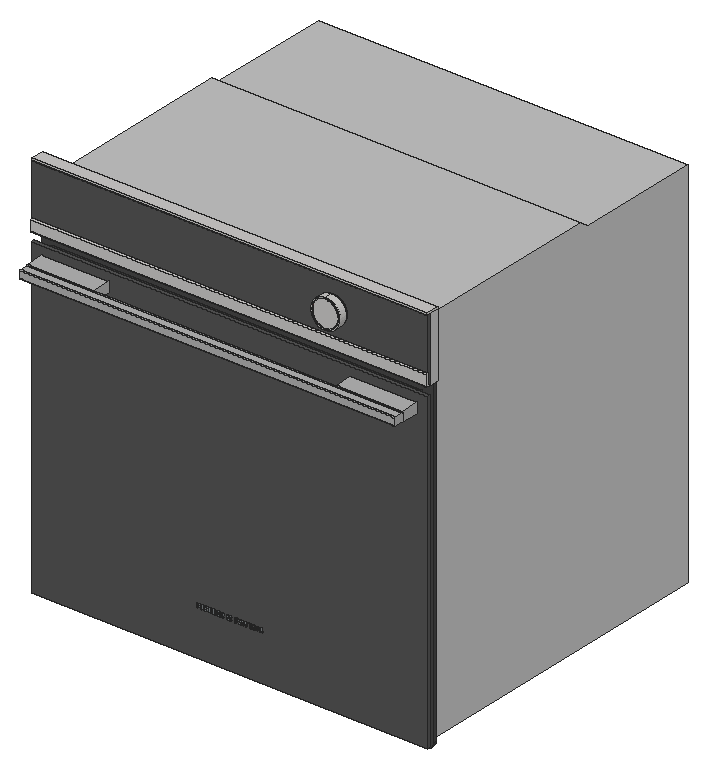
Revit family "FP-Revit18-OB60SD16PLX1-Oven-0-AU-CN-IE-NZ-UK-90002666A", category Specialty Equipment, Revit 2018
Family settings
  Round Connector Dimension = Use Diameter
  Part Type = Normal
  OmniClass Number = 23.40.40.14.17.11
  OmniClass Title = Cookers, Ovens, Stoves
  Work Plane-Based = No
  Always vertical = Yes
  Cut with Voids When Loaded = Yes
  Shared = No
  Room Calculation Point = No
Parameters (values of type "OB60SD16PLX1")
  Visibility - Clearance Required = yes
  URL = "www.fisherpaykel.com"
  Product - Width = 596 mm  # constant formula
  Product - Height = 598 mm  # constant formula
  Product - Depth = 565 mm  # constant formula
  Model = "OB60SD16PLX1"
  Material - Trim = Fisher & Paykel - Stainless Steel
  Material - Structure = Fisher & Paykel - Black
  Material - Logo = Fisher & Paykel - Graphics Grey
  Material - Handle = Fisher & Paykel - Aluminium
  Material - Glass = Fisher & Paykel - Glass, Black
  Material - Buttons and Dials = Fisher & Paykel - Stainless Steel
  Material - Body = Fisher & Paykel - Grey
  Material - Bezel = Fisher & Paykel - Bezel Red
  Manufacturer = "Fisher & Paykel Appliances"
  FFL Offset [instance] = 200 mm
  Description = "60cm Built-In Oven"
  Connector Note - Electrical = "220-240 V, 12.8 - 13.8 A, 50 Hz"
  Chassis - Width = 556 mm  # constant formula
  Chassis - Height = 575 mm  # constant formula
  Chassis - Depth = 545 mm  # constant formula
  Cavity - Width = 560 mm  # constant formula
  Cavity - Height = 580 mm  # constant formula
  Cavity - Depth = 550 mm  # constant formula
Reference planes
  plane 1 "Datum": y = 0
  plane 2: z = 0
  plane 3 "Center (Left/Right)": x = 0
  plane 4 "Cavity": z = 780
  plane 5 "Product Height": z = 798
  plane 6 "Product LHS": x = -298
  plane 7 "Product RHS": x = 298
  plane 8 "Cavity LHS": x = -300
  plane 9 "Cavity RHS": x = 300
  plane 10 "Cavity - Depth": y = 550
  plane 11 "Product Depth": y = 545
  plane 12 "Front Face": y = -20
  plane 13 "FFL Offset": z = 200
  plane 14 "Cavity Height": z = 800
Forms (mm)
  Extrusion 1, solid, material "Fisher & Paykel - Grey" <- "Material - Body"
    sketch origin (0, 0, 0) x (0, 1, 0) y (0, 0, 1)
      loop
        line (0, 200) -> (525, 200) -> (525, 393.99) -> (545, 413.99) -> (545, 609.73) -> (495, 659.73) -> (495, 764.6) -> (307.721, 764.6) -> (293.958, 775) -> (0, 775) -> (0, 200)
    from -278 to 278
  Extrusion 2, void
    sketch origin (0, 0, 0) x (1, 0, 0) y (0, 1, 0)
      loop
        line (-278, 495) -> (-229.13, 495) -> (-179.13, 545) -> (-278, 545) -> (-278, 495)
      loop
        line (278, 495) -> (278, 545) -> (94.617, 545) -> (114.617, 525) -> (199.13, 525) -> (229.13, 495) -> (278, 495)
    from 200 to 764.6
  Extrusion 3, solid, material "Fisher & Paykel - Stainless Steel" <- "Material - Trim"
    sketch origin (0, 0, 0) x (0, 1, 0) y (0, 0, 1)
      loop
        line (0, 798) -> (-20.5, 798) -> (-20.5, 795.1) -> (0, 795.1) -> (0, 798)
    from -297.7 to 297.7
  Extrusion 4, solid, material "Fisher & Paykel - Grey" <- "Material - Body"
    sketch origin (0, 0, 0) x (0, 1, 0) y (0, 0, 1)
      loop
        line (-16, 795.1) -> (-16, 698) -> (0, 698) -> (0, 795.1) -> (-16, 795.1)
    from -297.7 to 297.7
  Extrusion 5, solid, material "Fisher & Paykel - Glass, Black" <- "Material - Glass"
    sketch origin (0, 0, 0) x (1, 0, 0) y (0, 0, 1)
      loop
        line (-298, 685.199) -> (-298, 210.2) -> (298, 210.2) -> (298, 685.199) -> (-298, 685.199)
      loop
        line (-298, 699.5) -> (298, 699.5) -> (298, 794.5) -> (-298, 794.5) -> (-298, 699.5)
    from 16 to 20
  Extrusion 6, solid, material "Fisher & Paykel - Black" <- "Material - Structure"
    sketch origin (0, 0, 0) x (0, 1, 0) y (0, 0, 1)
      loop
        line (-13.8, 683.7) -> (-16, 683.7) -> (-16, 224.7) -> (-5, 224.7) -> (-5, 680.497) -> (-13.8, 683.7)
    from -277 to 277
  Extrusion 7, solid, material "Fisher & Paykel - Black" <- "Material - Structure"
    sketch origin (0, 0, 0) x (1, 0, 0) y (0, 0, 1)
      loop
        line (-295, 698) -> (-295, 209.536)
        arc (-295, 209.536) -> (-292.207, 202.793) -> (-285.464, 200) r 9.536
        line (-285.464, 200) -> (285.5, 200)
        arc (285.5, 200) -> (292.218, 202.782) -> (295, 209.5) r 9.5
        line (295, 209.5) -> (295, 698) -> (-295, 698)
    from 0 to 5
  Extrusion 8, solid, material "Fisher & Paykel - Clearance Required", visible <- "Visibility - Clearance Required", detail levels coarse
    sketch origin (0, 0, 0) x (0, 1, 0) y (0, 0, 1)
      loop
        line (0, 800) -> (-20, 800) -> (-20, 685.452)
        arc (-20, 685.452) -> (-338.426, 558.091) -> (-479.879, 245.669) r 459.33
        line (-479.879, 245.669) -> (-453.852, 243.749) -> (-456.942, 201.858) -> (-440.966, 200.68) -> (-437.876, 242.565) -> (-20, 211.735) -> (-20, 200) -> (0, 200) -> (0, 800)
    from -300 to 300
  Extrusion 9, solid, material "Fisher & Paykel - Clearance Required", visible <- "Visibility - Clearance Required", detail levels coarse
    sketch origin (0, 0, 0) x (1, 0, 0) y (0, 1, 0)
      loop
        line (-280, 0) -> (280, 0) -> (280, 550) -> (-280, 550) -> (-280, 0)
    from 200 to 780
  Extrusion 10, void
    sketch origin (0, 0, 0) x (1, 0, 0) y (0, 1, 0)
      loop
        line (-300, -20) -> (300, -20) -> (300, 0) -> (-300, 0) -> (-300, -20)
    from 200 to 800
  Extrusion 11, solid, material "Fisher & Paykel - Stainless Steel" <- "Material - Trim", detail levels fine
    sketch origin (0, 0, 0) x (0, 1, 0) y (0, 0, 1)
      loop
        line (-21.7, 715.595) -> (-21.7, 699.2)
        arc (-21.7, 699.2) -> (-21.349, 698.351) -> (-20.5, 698) r 1.2
        line (-20.5, 698) -> (-17.526, 698) -> (-17.526, 699.5) -> (-20, 699.5) -> (-20, 717.643) -> (-20.789, 717.643) -> (-21.7, 715.595)
    from -298 to 298
  Extrusion 12, void
    sketch origin (0, 0, 0) x (1, 0, 0) y (0, 1, 0)
      loop
        line (-280, 550) -> (-280, 0) -> (280, 0) -> (280, 550) -> (-280, 550)
    from 200 to 780
  Extrusion 13, solid, material "Fisher & Paykel - Aluminium" <- "Material - Handle", detail levels fine
    sketch origin (0, -21, 664.221) x (0, 1, 0) y (0, 0, 1)
      loop
        arc (-26.813, 6.16) -> (-27.196, 6.554) -> (-27.728, 6.686) r 1
        line (-27.728, 6.686) -> (-40.035, 6.256)
        arc (-40.035, 6.256) -> (-40.719, 5.951) -> (-41, 5.257) r 1
        line (-41, 5.257) -> (-41, -5.257)
        arc (-41, -5.257) -> (-40.719, -5.951) -> (-40.035, -6.256) r 1
        line (-40.035, -6.256) -> (-27.709, -6.686)
        arc (-27.709, -6.686) -> (-27.175, -6.554) -> (-26.792, -6.158) r 1
        arc (-26.792, -6.158) -> (-25.256, 0.004) -> (-26.813, 6.16) r 13.038
    from -282.5 to 282.5
  Extrusion 14, solid, material "Fisher & Paykel - Aluminium" <- "Material - Handle", detail levels fine
    sketch origin (0, -21, 664.221) x (0, 1, 0) y (0, 0, 1)
      loop
        arc (-26.626, -6.008) -> (-26.614, -6.49) -> (-26.2, -6.737) r 0.5
        line (-26.2, -6.737) -> (1, -7.732) -> (1, 7.741) -> (-26.174, 6.747)
        arc (-26.174, 6.747) -> (-26.587, 6.5) -> (-26.6, 6.019) r 0.5
        arc (-26.6, 6.019) -> (-25.156, 0.002) -> (-26.626, -6.008) r 13.136
    from 182.5 to 282.5
  Extrusion 15, solid, material "Fisher & Paykel - Aluminium" <- "Material - Handle", detail levels coarse+medium
    sketch origin (0, -21, 664.221) x (1, 0, 0) y (0, 1, 0)
      loop
        line (-282.5, -41) -> (282.5, -41) -> (282.5, 1) -> (182.5, 1) -> (182.5, -26.156) -> (-182.5, -26.156) -> (-182.5, 1) -> (-282.5, 1) -> (-282.5, -41)
    from -8.022 to 7.978
  Extrusion 16, solid, material "Fisher & Paykel - Aluminium" <- "Material - Handle", detail levels fine
    sketch origin (0, -21, 664.221) x (0, 1, 0) y (0, 0, 1)
      loop
        arc (-26.626, -6.008) -> (-26.614, -6.49) -> (-26.2, -6.737) r 0.5
        line (-26.2, -6.737) -> (1, -7.732) -> (1, 7.741) -> (-26.174, 6.747)
        arc (-26.174, 6.747) -> (-26.587, 6.5) -> (-26.6, 6.019) r 0.5
        arc (-26.6, 6.019) -> (-25.156, 0.002) -> (-26.626, -6.008) r 13.136
    from -282.5 to -182.5
  Extrusion 17, solid, material "Fisher & Paykel - Aluminium" <- "Material - Handle", not visible, detail levels fine
    sketch origin (0, -22, 652) x (0, 1, 0) y (0, 0, 1)
      loop
        arc (-26.813, 6.16) -> (-27.196, 6.554) -> (-27.728, 6.686) r 1
        line (-27.728, 6.686) -> (-40.035, 6.256)
        arc (-40.035, 6.256) -> (-40.719, 5.951) -> (-41, 5.257) r 1
        line (-41, 5.257) -> (-41, -5.257)
        arc (-41, -5.257) -> (-40.719, -5.951) -> (-40.035, -6.256) r 1
        line (-40.035, -6.256) -> (-27.709, -6.686)
        arc (-27.709, -6.686) -> (-27.175, -6.554) -> (-26.792, -6.158) r 1
        arc (-26.792, -6.158) -> (-25.256, 0.004) -> (-26.813, 6.16) r 13.038
    from -282.5 to 282.5
  Extrusion 18, solid, material "Fisher & Paykel - Aluminium" <- "Material - Handle", not visible, detail levels fine
    sketch origin (0, -22, 652) x (0, 1, 0) y (0, 0, 1)
      loop
        arc (-26.626, -6.008) -> (-26.614, -6.49) -> (-26.2, -6.737) r 0.5
        line (-26.2, -6.737) -> (1, -7.732) -> (1, 7.741) -> (-26.174, 6.747)
        arc (-26.174, 6.747) -> (-26.587, 6.5) -> (-26.6, 6.019) r 0.5
        arc (-26.6, 6.019) -> (-25.156, 0.002) -> (-26.626, -6.008) r 13.136
    from 182.5 to 282.5
  Extrusion 19, solid, material "Fisher & Paykel - Aluminium" <- "Material - Handle", not visible, detail levels coarse+medium
    sketch origin (0, -22, 652) x (1, 0, 0) y (0, 1, 0)
      loop
        line (-282.5, -41) -> (282.5, -41) -> (282.5, 1) -> (182.5, 1) -> (182.5, -26.156) -> (-182.5, -26.156) -> (-182.5, 1) -> (-282.5, 1) -> (-282.5, -41)
    from -8.022 to 7.978
  Extrusion 20, solid, material "Fisher & Paykel - Aluminium" <- "Material - Handle", not visible, detail levels fine
    sketch origin (0, -22, 652) x (0, 1, 0) y (0, 0, 1)
      loop
        arc (-26.626, -6.008) -> (-26.614, -6.49) -> (-26.2, -6.737) r 0.5
        line (-26.2, -6.737) -> (1, -7.732) -> (1, 7.741) -> (-26.174, 6.747)
        arc (-26.174, 6.747) -> (-26.587, 6.5) -> (-26.6, 6.019) r 0.5
        arc (-26.6, 6.019) -> (-25.156, 0.002) -> (-26.626, -6.008) r 13.136
    from -282.5 to -182.5
  Extrusion 21, solid, material "Fisher & Paykel - Graphics Grey" <- "Material - Logo", detail levels fine
    sketch origin (0, -20, 278.956) x (1, 0, 0) y (0, 0, 1)
      loop
        line (-49.544, 0) -> (-47.97, 0) -> (-47.97, 2.138) -> (-45.511, 2.138) -> (-45.511, 3.472) -> (-47.97, 3.472) -> (-47.97, 4.712) -> (-45.295, 4.712) -> (-45.295, 6.04) -> (-49.544, 6.04) -> (-49.544, 0)
      loop
        line (-42.304, 6.04) -> (-42.304, 0) -> (-40.73, 0) -> (-40.73, 6.04) -> (-42.304, 6.04)
      loop
        line (-30.224, 6.04) -> (-30.224, 0) -> (-28.651, 0) -> (-28.651, 2.42) -> (-26.339, 2.42) -> (-26.339, 0) -> (-24.765, 0) -> (-24.765, 6.04) -> (-26.339, 6.04) -> (-26.339, 3.748) -> (-28.651, 3.748) -> (-28.651, 6.04) -> (-30.224, 6.04)
      loop
        line (-21.406, 6.04) -> (-21.406, 0) -> (-17.102, 0) -> (-17.102, 1.328) -> (-19.847, 1.328) -> (-19.847, 2.42) -> (-17.338, 2.42) -> (-17.338, 3.748) -> (-19.847, 3.748) -> (-19.847, 4.712) -> (-17.102, 4.712) -> (-17.102, 6.04) -> (-21.406, 6.04)
      loop
        line (46.167, 6.04) -> (46.167, 0) -> (50.456, 0) -> (50.456, 1.328) -> (47.741, 1.328) -> (47.741, 6.04) -> (46.167, 6.04)
      loop
        line (42.931, 6.04) -> (38.612, 6.04) -> (38.612, 0) -> (42.931, 0) -> (42.931, 1.328) -> (40.187, 1.328) -> (40.187, 2.42) -> (42.695, 2.42) -> (42.695, 3.748) -> (40.187, 3.748) -> (40.187, 4.712) -> (42.931, 4.712) -> (42.931, 6.04)
      loop
        line (33.951, 3.148) -> (36.183, 6.04) -> (34.344, 6.04) -> (32.415, 3.542) -> (32.415, 6.04) -> (30.842, 6.04) -> (30.842, 0) -> (32.415, 0) -> (32.415, 2.705) -> (34.403, 0) -> (36.263, 0) -> (33.951, 3.148)
      loop
        line (22.48, 6.04) -> (24.762, 2.42) -> (24.762, 0) -> (26.337, 0) -> (26.337, 2.341) -> (28.619, 6.04) -> (26.946, 6.04) -> (25.599, 3.707) -> (24.253, 6.04) -> (22.48, 6.04)
      loop
        line (18.979, 6.04) -> (17.483, 6.04) -> (15.024, 0) -> (16.569, 0) -> (17.001, 1.112) -> (19.421, 1.112) -> (19.854, 0) -> (21.438, 0) -> (18.979, 6.04)
      loop
        line (18.9, 2.439) -> (18.193, 4.174) -> (17.518, 2.439) -> (18.9, 2.439)
      loop
        line (8.531, 6.04) -> (8.531, 0) -> (10.105, 0) -> (10.105, 1.938) -> (11.099, 1.938)
        arc (11.099, 1.938) -> (13.15, 3.989) -> (11.099, 6.04) r 2.051
        line (11.099, 6.04) -> (8.531, 6.04)
      loop
        line (10.105, 4.712) -> (10.105, 3.197) -> (11.001, 3.197)
        arc (11.001, 3.197) -> (11.759, 3.954) -> (11.001, 4.712) r 0.757
        line (11.001, 4.712) -> (10.105, 4.712)
      loop
        line (-11.283, 6.04) -> (-13.866, 6.04) -> (-13.866, 0) -> (-12.292, 0) -> (-12.292, 1.336) -> (-11.492, 1.336) -> (-10.472, 0) -> (-8.653, 0) -> (-10.194, 1.973)
        arc (-10.194, 1.973) -> (-9.178, 4.424) -> (-11.283, 6.04) r 2.179
      loop
        line (-11.397, 4.712) -> (-12.292, 4.712) -> (-12.292, 3.053) -> (-11.397, 3.053)
        arc (-11.397, 3.053) -> (-10.568, 3.882) -> (-11.397, 4.712) r 0.83
      loop
        line (0.977, 4.712) -> (0.977, 6.153) -> (-3.075, 6.153) -> (-3.075, 4.851) -> (-2.474, 4.112)
        arc (-2.474, 4.112) -> (-3.01, 0.684) -> (0.455, 0.512) r 2.334
        line (0.455, 0.512) -> (0.96, -0.109) -> (2.746, -0.109) -> (1.36, 1.594) -> (2.561, 3.324) -> (0.943, 3.324) -> (0.487, 2.667) -> (-1.177, 4.712) -> (0.977, 4.712)
      loop
        arc (-1.625, 3.068) -> (-1.769, 1.668) -> (-0.368, 1.524) r 0.996
        line (-0.368, 1.524) -> (-1.625, 3.068)
      loop
        line (-34.68, 3.634) -> (-36.016, 3.91)
        arc (-36.016, 3.91) -> (-36.549, 4.443) -> (-36.016, 4.976) r 0.533
        arc (-36.016, 4.976) -> (-34.735, 4.79) -> (-33.559, 4.248) r 4.505
        line (-33.559, 4.248) -> (-33.559, 5.743)
        arc (-33.559, 5.743) -> (-35.049, 6.179) -> (-36.6, 6.109) r 4.726
        arc (-36.6, 6.109) -> (-38.036, 4.335) -> (-36.6, 2.561) r 1.814
        line (-36.6, 2.561) -> (-35.254, 2.282)
        arc (-35.254, 2.282) -> (-34.721, 1.749) -> (-35.254, 1.216) r 0.533
        arc (-35.254, 1.216) -> (-36.535, 1.402) -> (-37.711, 1.945) r 4.505
        line (-37.711, 1.945) -> (-37.711, 0.449)
        arc (-37.711, 0.449) -> (-36.22, 0.013) -> (-34.669, 0.083) r 4.726
        arc (-34.669, 0.083) -> (-33.234, 1.863) -> (-34.68, 3.634) r 1.814
    from 0 to 0.8
  Revolve 22, solid, material "Fisher & Paykel - Stainless Steel" <- "Material - Buttons and Dials", detail levels fine
    sketch origin (154.861, -20, 752.537) x (0, 1, 0) y (0, 0, 1)
      loop
        line (0, 22) -> (-0.843, 22) -> (-0.843, 16.038) -> (-2.39, 16.038) -> (-2.39, 22) -> (-13.7, 22) -> (-13.7, 21.2) -> (-13.191, 20) -> (-8.9, 20) -> (-8.9, 0) -> (0, 0) -> (0, 22)
      axis (0, 0) -> (-13.7, 0)
    angle from 0 to 360
  Extrusion 23, solid, material "Fisher & Paykel - Stainless Steel" <- "Material - Buttons and Dials", detail levels fine
    sketch origin (154.861, -20, 752.537) x (1, 0, 0) y (0, 0, 1)
      loop
        circle (0, 0) r 19.45
    from 8.9 to 13.191
  Extrusion 24, solid, material "Fisher & Paykel - Stainless Steel" <- "Material - Buttons and Dials", detail levels coarse+medium
    sketch origin (154.861, -20, 752.537) x (1, 0, 0) y (0, 0, 1)
      loop
        circle (0, 0) r 22
    from 0 to 13.7
  Extrusion 25, solid, material "Fisher & Paykel - Bezel Red" <- "Material - Bezel", detail levels fine
    sketch origin (154.861, -20, 752.537) x (1, 0, 0) y (0, 0, 1)
      loop
        circle (0, 0) r 19.45
      loop
        circle (0, 0) r 20
    from 2.39 to 13.191
  Extrusion 26, solid, material "Fisher & Paykel - Grey" <- "Material - Body"
    sketch origin (154.861, 0, 0) x (0, 1, 0) y (0, 0, 1)
      loop
        line (495, 736) -> (495, 683) -> (514, 683) -> (514, 736) -> (495, 736)
    from -372.861 to -289.861
  Extrusion 27, solid, material "Fisher & Paykel - Grey" <- "Material - Body"
    sketch origin (154.861, 0, 0) x (0, 1, 0) y (0, 0, 1)
      loop
        circle (504.5, 703) r 4
    from -410 to -372.861
Cuts and joins
  Extrusion 2 cuts Extrusion 1
Lines and regions (mm)
  model lines, style "Fisher & Paykel"
    curve 1: line (217, -20, 334) -> (-217, -20, 334)
    curve 2: line (217, -20, 617.236) -> (217, -20, 334)
    curve 3: line (-217, -20, 617.236) -> (217, -20, 617.236)
    curve 4: line (-217, -20, 334) -> (-217, -20, 617.236)
Text (mm)
  text "Due to ongoing product development, product details are subject to change without notice. \nPlease always refer to www.fisherpaykel.com for the most current product information. \n© Fisher & Paykel 2020" at (40.64, -604.808, 0), in view "Ref. Level (Plan)"
Dimensions and locks
  equal spacing: plane 6 "Product LHS", plane 3 "Center (Left/Right)", plane 7 "Product RHS"
  "Product - Width": plane 6 "Product LHS" to plane 7 "Product RHS"
  equal spacing: plane 8 "Cavity LHS", plane 3 "Center (Left/Right)", plane 9 "Cavity RHS"
  "Cavity - Depth": plane 10 "Cavity - Depth" to plane 1 "Datum"
  "Chassis - Depth": plane 11 "Product Depth" to plane 1 "Datum"
  plane 12 "Front Face" to plane 1 "Datum" = 20 mm
  "Product - Depth": plane 11 "Product Depth" to plane 12 "Front Face"
  "FFL Offset": plane 13 "FFL Offset" to level
  "Product - Height": plane 5 "Product Height" to plane 13 "FFL Offset"
  "Cavity - Height": plane 4 "Cavity" to plane 13 "FFL Offset"
  Extrusion 5 to plane 13 "FFL Offset" = 10.2 mm
  Extrusion 6 to plane 13 "FFL Offset" = 24.7 mm
  locked: plane 5 "Product Height" to cut or joined group of Extrusion 1, Extrusion 2 at 33.4
  locked: plane 14 "Cavity Height" to plane 13 "FFL Offset" at 600
  locked: Extrusion 21 to plane 13 "FFL Offset" at 78.847
  equal spacing: Extrusion 9, plane 3 "Center (Left/Right)", Extrusion 9
  "Cavity - Width": Extrusion 9 to Extrusion 9
  locked: Extrusion 15 to plane 13 "FFL Offset" at 472.199
  locked: Extrusion 8 sketch curve to plane 13 "FFL Offset" at 11.735
  equal spacing: cut or joined group of Extrusion 1, Extrusion 2, plane 3 "Center (Left/Right)", cut or joined group of Extrusion 1, Extrusion 2
  "Chassis - Width": cut or joined group of Extrusion 1, Extrusion 2 to cut or joined group of Extrusion 1, Extrusion 2
  aligned and locked: level to plane 2
  aligned and locked: plane 8 "Cavity LHS" to Extrusion 8
  aligned and locked: Extrusion 8 to plane 9 "Cavity RHS"
  aligned and locked: Extrusion 1 sketch curve to plane 13 "FFL Offset"
  aligned and locked: Extrusion 1 to Extrusion 2
  aligned and locked: Extrusion 2 to Extrusion 1
  aligned and locked: plane 13 "FFL Offset" to Extrusion 8 sketch curve
  aligned and locked: plane 13 "FFL Offset" to Extrusion 7 sketch curve
  aligned and locked: Extrusion 12 to cut or joined group of Extrusion 1, Extrusion 2
  aligned and locked: plane 4 "Cavity" to Extrusion 12
  aligned and locked: plane 4 "Cavity" to Extrusion 9
  aligned and locked: Extrusion 9 to cut or joined group of Extrusion 1, Extrusion 2
  aligned and locked: Extrusion 10 to cut or joined group of Extrusion 1, Extrusion 2
  aligned and locked: Extrusion 10 to Extrusion 7
  aligned and locked: Extrusion 10 to Extrusion 8
  aligned and locked: plane 14 "Cavity Height" to Extrusion 10
  aligned and locked: Extrusion 12 to Extrusion 9  (x2)
Automatic sketch dimensions
  Extrusion 13 sketch curve to Extrusion 13 sketch curve = 0.965 mm  (x2)
  Extrusion 13 sketch curve to Extrusion 13 sketch curve = 0.035 mm  (x4)
  Extrusion 13 sketch curve to Extrusion 13 sketch curve = 1.706 mm
  Extrusion 13 sketch curve to Extrusion 13 sketch curve = 12.307 mm
  Extrusion 13 sketch curve to Extrusion 13 sketch curve = 12.326 mm
  Extrusion 13 sketch curve to Extrusion 13 sketch curve = 0.999 mm  (x2)
  Extrusion 13 sketch curve to Extrusion 13 sketch curve = 5.238 mm
  Extrusion 13 sketch curve to Extrusion 13 sketch curve = 0 mm
  Extrusion 14 sketch curve to Extrusion 14 sketch curve = 12.091 mm
  Extrusion 14 sketch curve to Extrusion 14 sketch curve = 0.018 mm  (x2)
  Extrusion 14 sketch curve to Extrusion 14 sketch curve = 0.008 mm
  Extrusion 14 sketch curve to Extrusion 14 sketch curve = 27.174 mm
  Extrusion 14 sketch curve to Extrusion 14 sketch curve = 15.473 mm
  Extrusion 14 sketch curve to Extrusion 14 sketch curve = 0.5 mm  (x2)
  Extrusion 14 sketch curve to Extrusion 14 sketch curve = 0 mm
  Extrusion 15 sketch curve to Extrusion 15 sketch curve = 14.844 mm
  Extrusion 15 sketch curve to Extrusion 15 sketch curve = 27.156 mm  (x2)
  Extrusion 16 sketch curve to Extrusion 16 sketch curve = 12.091 mm
  Extrusion 16 sketch curve to Extrusion 16 sketch curve = 0.018 mm  (x2)
  Extrusion 16 sketch curve to Extrusion 16 sketch curve = 0.008 mm
  Extrusion 16 sketch curve to Extrusion 16 sketch curve = 27.174 mm
  Extrusion 16 sketch curve to Extrusion 16 sketch curve = 15.473 mm
  Extrusion 16 sketch curve to Extrusion 16 sketch curve = 0.5 mm  (x2)
  Extrusion 16 sketch curve to Extrusion 16 sketch curve = 0 mm
  Extrusion 13 sketch curve to Extrusion 13 sketch curve = 0.43 mm
  Extrusion 13 sketch curve to Extrusion 13 sketch curve = 5.275 mm
  Extrusion 13 sketch curve to Extrusion 13 sketch curve = 11.374 mm
  Extrusion 14 sketch curve to Extrusion 14 sketch curve = 0.995 mm
  Extrusion 14 sketch curve to Extrusion 14 sketch curve = 6.268 mm
  Extrusion 14 sketch curve to Extrusion 14 sketch curve = 12.255 mm
  Extrusion 15 sketch curve to Extrusion 15 sketch curve = 100 mm  (x2)
  Extrusion 15 sketch curve to Extrusion 15 sketch curve = 365 mm
  Extrusion 16 sketch curve to Extrusion 16 sketch curve = 0.995 mm
  Extrusion 16 sketch curve to Extrusion 16 sketch curve = 6.268 mm
  Extrusion 16 sketch curve to Extrusion 16 sketch curve = 12.255 mm
  Extrusion 17 sketch curve to Extrusion 17 sketch curve = 0.965 mm  (x2)
  Extrusion 17 sketch curve to Extrusion 17 sketch curve = 0.035 mm  (x4)
  Extrusion 17 sketch curve to Extrusion 17 sketch curve = 1.706 mm
  Extrusion 17 sketch curve to Extrusion 17 sketch curve = 12.307 mm
  Extrusion 17 sketch curve to Extrusion 17 sketch curve = 12.326 mm
  Extrusion 17 sketch curve to Extrusion 17 sketch curve = 0.999 mm  (x2)
  Extrusion 17 sketch curve to Extrusion 17 sketch curve = 5.238 mm
  Extrusion 17 sketch curve to Extrusion 17 sketch curve = 0 mm
  Extrusion 18 sketch curve to Extrusion 18 sketch curve = 12.091 mm
  Extrusion 18 sketch curve to Extrusion 18 sketch curve = 0.018 mm  (x2)
  Extrusion 18 sketch curve to Extrusion 18 sketch curve = 0.008 mm
  Extrusion 18 sketch curve to Extrusion 18 sketch curve = 27.174 mm
  Extrusion 18 sketch curve to Extrusion 18 sketch curve = 15.473 mm
  Extrusion 18 sketch curve to Extrusion 18 sketch curve = 0.5 mm  (x2)
  Extrusion 18 sketch curve to Extrusion 18 sketch curve = 0 mm
  Extrusion 19 sketch curve to Extrusion 19 sketch curve = 14.844 mm
  Extrusion 19 sketch curve to Extrusion 19 sketch curve = 27.156 mm  (x2)
  Extrusion 20 sketch curve to Extrusion 20 sketch curve = 12.091 mm
  Extrusion 20 sketch curve to Extrusion 20 sketch curve = 0.018 mm  (x2)
  Extrusion 20 sketch curve to Extrusion 20 sketch curve = 0.008 mm
  Extrusion 20 sketch curve to Extrusion 20 sketch curve = 27.174 mm
  Extrusion 20 sketch curve to Extrusion 20 sketch curve = 15.473 mm
  Extrusion 20 sketch curve to Extrusion 20 sketch curve = 0.5 mm  (x2)
  Extrusion 20 sketch curve to Extrusion 20 sketch curve = 0 mm
  Extrusion 17 sketch curve to Extrusion 17 sketch curve = 0.43 mm
  Extrusion 17 sketch curve to Extrusion 17 sketch curve = 5.275 mm
  Extrusion 17 sketch curve to Extrusion 17 sketch curve = 11.374 mm
  Extrusion 18 sketch curve to Extrusion 18 sketch curve = 0.995 mm
  Extrusion 18 sketch curve to Extrusion 18 sketch curve = 6.268 mm
  Extrusion 18 sketch curve to Extrusion 18 sketch curve = 12.255 mm
  Extrusion 19 sketch curve to Extrusion 19 sketch curve = 100 mm  (x2)
  Extrusion 19 sketch curve to Extrusion 19 sketch curve = 365 mm
  Extrusion 20 sketch curve to Extrusion 20 sketch curve = 0.995 mm
  Extrusion 20 sketch curve to Extrusion 20 sketch curve = 6.268 mm
  Extrusion 20 sketch curve to Extrusion 20 sketch curve = 12.255 mm
  Extrusion 1 sketch curve to plane 1 "Datum" = 0 mm
  Extrusion 1 sketch curve to plane 11 "Product Depth" = 0 mm
  Extrusion 1 sketch curve to plane 4 "Cavity" = 5 mm
  Extrusion 1 sketch curve to plane 11 "Product Depth" = 251.042 mm
  Extrusion 1 sketch curve to Extrusion 1 sketch curve = 13.762 mm
  Extrusion 1 sketch curve to plane 4 "Cavity" = 15.4 mm
  Extrusion 1 sketch curve to plane 11 "Product Depth" = 50 mm
  Extrusion 1 sketch curve to plane 11 "Product Depth" = 20 mm
  Extrusion 1 sketch curve to Extrusion 1 sketch curve = 193.99 mm
  Extrusion 1 sketch curve to Extrusion 1 sketch curve = 20 mm
  Extrusion 1 sketch curve to Extrusion 1 sketch curve = 154.87 mm
  Extrusion 1 sketch curve to Extrusion 1 sketch curve = 50 mm
  Extrusion 2 sketch curve to plane 11 "Product Depth" = 0 mm  (x2)
  Extrusion 2 sketch curve to plane 6 "Product LHS" = 20 mm
  Extrusion 2 sketch curve to Extrusion 2 sketch curve = 48.87 mm
  Extrusion 2 sketch curve to Extrusion 2 sketch curve = 50 mm  (x3)
  plane 3 "Center (Left/Right)" to Extrusion 2 sketch curve = 94.617 mm
  Extrusion 2 sketch curve to Extrusion 2 sketch curve = 20 mm
  Extrusion 2 sketch curve to plane 11 "Product Depth" = 20 mm
  Extrusion 2 sketch curve to Extrusion 2 sketch curve = 84.513 mm
  Extrusion 2 sketch curve to Extrusion 2 sketch curve = 30 mm
  plane 7 "Product RHS" to Extrusion 2 sketch curve = 20 mm
  Extrusion 3 sketch curve to plane 1 "Datum" = 0 mm
  Extrusion 3 sketch curve to plane 12 "Front Face" = 0.5 mm
  Extrusion 3 sketch curve to plane 5 "Product Height" = 2.9 mm
  plane 5 "Product Height" to Extrusion 3 sketch curve = 0 mm
  Extrusion 4 sketch curve to plane 1 "Datum" = 0 mm
  plane 12 "Front Face" to Extrusion 4 sketch curve = 4 mm
  Extrusion 4 sketch curve to plane 4 "Cavity" = 82 mm
  Extrusion 4 sketch curve to plane 5 "Product Height" = 2.9 mm
  plane 6 "Product LHS" to Extrusion 5 sketch curve = 0 mm  (x2)
  plane 7 "Product RHS" to Extrusion 5 sketch curve = 0 mm  (x2)
  plane 13 "FFL Offset" to Extrusion 5 sketch curve = 10.2 mm
  Extrusion 5 sketch curve to plane 4 "Cavity" = 94.801 mm
  Extrusion 5 sketch curve to Extrusion 5 sketch curve = 14.301 mm
  Extrusion 5 sketch curve to plane 5 "Product Height" = 3.5 mm
  plane 12 "Front Face" to Extrusion 6 sketch curve = 4 mm
  Extrusion 6 sketch curve to Extrusion 6 sketch curve = 2.2 mm
  plane 1 "Datum" to Extrusion 6 sketch curve = 5 mm
  plane 13 "FFL Offset" to Extrusion 6 sketch curve = 24.7 mm
  Extrusion 6 sketch curve to plane 4 "Cavity" = 99.503 mm
  Extrusion 6 sketch curve to Extrusion 6 sketch curve = 3.203 mm
  Extrusion 7 sketch curve to plane 6 "Product LHS" = 3 mm
  Extrusion 7 sketch curve to Extrusion 7 sketch curve = 9.536 mm
  plane 7 "Product RHS" to Extrusion 7 sketch curve = 12.5 mm
  plane 7 "Product RHS" to Extrusion 7 sketch curve = 3 mm
  Extrusion 7 sketch curve to plane 4 "Cavity" = 82 mm
  Extrusion 9 sketch curve to plane 10 "Cavity - Depth" = 0 mm
  plane 1 "Datum" to Extrusion 9 sketch curve = 0 mm
  Extrusion 9 sketch curve to plane 6 "Product LHS" = 18 mm
  plane 7 "Product RHS" to Extrusion 9 sketch curve = 18 mm
  plane 1 "Datum" to Extrusion 10 sketch curve = 0 mm
  Extrusion 10 sketch curve to plane 8 "Cavity LHS" = 0 mm
  Extrusion 10 sketch curve to plane 9 "Cavity RHS" = 0 mm
  Extrusion 10 sketch curve to plane 12 "Front Face" = 0 mm
  Extrusion 11 sketch curve to plane 12 "Front Face" = 0 mm
  Extrusion 11 sketch curve to plane 12 "Front Face" = 0.5 mm
  Extrusion 11 sketch curve to Extrusion 11 sketch curve = 0.789 mm
  Extrusion 11 sketch curve to plane 12 "Front Face" = 1.7 mm
  plane 12 "Front Face" to Extrusion 11 sketch curve = 2.474 mm
  Extrusion 11 sketch curve to plane 4 "Cavity" = 82 mm
  Extrusion 11 sketch curve to Extrusion 11 sketch curve = 1.5 mm
  Extrusion 11 sketch curve to Extrusion 11 sketch curve = 16.095 mm
  Extrusion 11 sketch curve to Extrusion 11 sketch curve = 2.048 mm
  plane 1 "Datum" to Extrusion 12 sketch curve = 0 mm
  Extrusion 12 sketch curve to plane 10 "Cavity - Depth" = 0 mm
  Extrusion 12 sketch curve to plane 6 "Product LHS" = 18 mm
  plane 7 "Product RHS" to Extrusion 12 sketch curve = 18 mm
  Extrusion 21 sketch curve to plane 3 "Center (Left/Right)" = 49.544 mm
  Extrusion 21 sketch curve to Extrusion 21 sketch curve = 1.574 mm  (x12)
  Extrusion 21 sketch curve to Extrusion 21 sketch curve = 2.459 mm
  Extrusion 21 sketch curve to Extrusion 21 sketch curve = 0.216 mm
  Extrusion 21 sketch curve to Extrusion 21 sketch curve = 3.207 mm
  Extrusion 21 sketch curve to Extrusion 21 sketch curve = 3.02 mm
  Extrusion 21 sketch curve to Extrusion 21 sketch curve = 1.11 mm
  Extrusion 21 sketch curve to Extrusion 21 sketch curve = 0.379 mm
  Extrusion 21 sketch curve to Extrusion 21 sketch curve = 0.206 mm  (x2)
  Extrusion 21 sketch curve to Extrusion 21 sketch curve = 0.36 mm  (x2)
  Extrusion 21 sketch curve to Extrusion 21 sketch curve = 0.402 mm
  Extrusion 21 sketch curve to Extrusion 21 sketch curve = 0 mm  (x21)
  Extrusion 21 sketch curve to Extrusion 21 sketch curve = 1.335 mm  (x2)
  Extrusion 21 sketch curve to Extrusion 21 sketch curve = 1.121 mm
  Extrusion 21 sketch curve to Extrusion 21 sketch curve = 3.335 mm
  Extrusion 21 sketch curve to Extrusion 21 sketch curve = 2.312 mm  (x2)
  Extrusion 21 sketch curve to Extrusion 21 sketch curve = 3.359 mm
  Extrusion 21 sketch curve to Extrusion 21 sketch curve = 1.559 mm
  Extrusion 21 sketch curve to Extrusion 21 sketch curve = 2.508 mm  (x2)
  Extrusion 21 sketch curve to Extrusion 21 sketch curve = 0.236 mm  (x4)
  Extrusion 21 sketch curve to Extrusion 21 sketch curve = 3.236 mm  (x2)
  Extrusion 21 sketch curve to Extrusion 21 sketch curve = 0.8 mm
  Extrusion 21 sketch curve to Extrusion 21 sketch curve = 0.895 mm
  Extrusion 21 sketch curve to Extrusion 21 sketch curve = 0.114 mm
  Extrusion 21 sketch curve to Extrusion 21 sketch curve = 1.02 mm
  Extrusion 21 sketch curve to Extrusion 21 sketch curve = 1.298 mm
  Extrusion 21 sketch curve to Extrusion 21 sketch curve = 1.82 mm
  Extrusion 21 sketch curve to plane 3 "Center (Left/Right)" = 3.075 mm
  Extrusion 21 sketch curve to Extrusion 21 sketch curve = 0.602 mm
  Extrusion 21 sketch curve to Extrusion 21 sketch curve = 0.849 mm
  Extrusion 21 sketch curve to Extrusion 21 sketch curve = 0.425 mm
  Extrusion 21 sketch curve to plane 3 "Center (Left/Right)" = 1.177 mm
  Extrusion 21 sketch curve to Extrusion 21 sketch curve = 0.203 mm
  Extrusion 21 sketch curve to plane 3 "Center (Left/Right)" = 0.368 mm
  plane 3 "Center (Left/Right)" to Extrusion 21 sketch curve = 0.455 mm
  plane 3 "Center (Left/Right)" to Extrusion 21 sketch curve = 0.487 mm
  Extrusion 21 sketch curve to Extrusion 21 sketch curve = 0.456 mm
  Extrusion 21 sketch curve to Extrusion 21 sketch curve = 0.505 mm
  plane 3 "Center (Left/Right)" to Extrusion 21 sketch curve = 0.977 mm
  plane 3 "Center (Left/Right)" to Extrusion 21 sketch curve = 1.36 mm
  Extrusion 21 sketch curve to Extrusion 21 sketch curve = 1.618 mm
  Extrusion 21 sketch curve to Extrusion 21 sketch curve = 1.785 mm
  Extrusion 21 sketch curve to Extrusion 21 sketch curve = 5.971 mm
  Extrusion 21 sketch curve to Extrusion 21 sketch curve = 0.896 mm
  Extrusion 21 sketch curve to Extrusion 21 sketch curve = 0.994 mm
  Extrusion 21 sketch curve to Extrusion 21 sketch curve = 3.925 mm
  Extrusion 21 sketch curve to Extrusion 21 sketch curve = 1.545 mm
  Extrusion 21 sketch curve to Extrusion 21 sketch curve = 0.433 mm  (x2)
  Extrusion 21 sketch curve to Extrusion 21 sketch curve = 0.482 mm
  Extrusion 21 sketch curve to Extrusion 21 sketch curve = 0.517 mm
  Extrusion 21 sketch curve to Extrusion 21 sketch curve = 0.675 mm
  Extrusion 21 sketch curve to Extrusion 21 sketch curve = 1.381 mm
  Extrusion 21 sketch curve to Extrusion 21 sketch curve = 1.495 mm
  Extrusion 21 sketch curve to Extrusion 21 sketch curve = 0.522 mm
  Extrusion 21 sketch curve to Extrusion 21 sketch curve = 1.584 mm
  Extrusion 21 sketch curve to Extrusion 21 sketch curve = 3.502 mm
  Extrusion 21 sketch curve to Extrusion 21 sketch curve = 1.772 mm
  Extrusion 21 sketch curve to Extrusion 21 sketch curve = 0.51 mm
  Extrusion 21 sketch curve to Extrusion 21 sketch curve = 0.837 mm
  Extrusion 21 sketch curve to Extrusion 21 sketch curve = 0.737 mm
  Extrusion 21 sketch curve to Extrusion 21 sketch curve = 2.694 mm
  Extrusion 21 sketch curve to Extrusion 21 sketch curve = 1.673 mm
  Extrusion 21 sketch curve to Extrusion 21 sketch curve = 2.223 mm
  Extrusion 21 sketch curve to Extrusion 21 sketch curve = 1.535 mm
  Extrusion 21 sketch curve to Extrusion 21 sketch curve = 1.928 mm
  Extrusion 21 sketch curve to Extrusion 21 sketch curve = 1.987 mm
  Extrusion 21 sketch curve to Extrusion 21 sketch curve = 1.839 mm
  Extrusion 21 sketch curve to Extrusion 21 sketch curve = 1.86 mm
  Extrusion 21 sketch curve to Extrusion 21 sketch curve = 2.429 mm
  Extrusion 21 sketch curve to Extrusion 21 sketch curve = 2.715 mm
  plane 13 "FFL Offset" to Extrusion 21 sketch curve = 78.847 mm
  Extrusion 21 sketch curve to Extrusion 21 sketch curve = 0.109 mm  (x5)
  Extrusion 21 sketch curve to Extrusion 21 sketch curve = 0.449 mm
  Extrusion 21 sketch curve to Extrusion 21 sketch curve = 0.023 mm
  Extrusion 21 sketch curve to Extrusion 21 sketch curve = 0.621 mm
  Extrusion 21 sketch curve to Extrusion 21 sketch curve = 1.112 mm
  Extrusion 21 sketch curve to Extrusion 21 sketch curve = 1.328 mm  (x10)
  Extrusion 21 sketch curve to Extrusion 21 sketch curve = 1.336 mm
  Extrusion 21 sketch curve to Extrusion 21 sketch curve = 1.015 mm
  Extrusion 21 sketch curve to Extrusion 21 sketch curve = 1.012 mm
  Extrusion 21 sketch curve to Extrusion 21 sketch curve = 1.082 mm
  Extrusion 21 sketch curve to Extrusion 21 sketch curve = 0.262 mm  (x2)
  Extrusion 21 sketch curve to Extrusion 21 sketch curve = 1.938 mm
  Extrusion 21 sketch curve to Extrusion 21 sketch curve = 1.496 mm  (x2)
  Extrusion 21 sketch curve to Extrusion 21 sketch curve = 0.637 mm
  Extrusion 21 sketch curve to Extrusion 21 sketch curve = 2.138 mm
  Extrusion 21 sketch curve to Extrusion 21 sketch curve = 0.632 mm
  Extrusion 21 sketch curve to Extrusion 21 sketch curve = 0.424 mm  (x2)
  Extrusion 21 sketch curve to Extrusion 21 sketch curve = 0.14 mm
  Extrusion 21 sketch curve to Extrusion 21 sketch curve = 2.341 mm
  Extrusion 21 sketch curve to Extrusion 21 sketch curve = 1.092 mm  (x2)
  Extrusion 21 sketch curve to Extrusion 21 sketch curve = 2.42 mm
  Extrusion 21 sketch curve to Extrusion 21 sketch curve = 0.079 mm
  Extrusion 21 sketch curve to Extrusion 21 sketch curve = 0.616 mm
  Extrusion 21 sketch curve to Extrusion 21 sketch curve = 1.073 mm
  Extrusion 21 sketch curve to Extrusion 21 sketch curve = 2.705 mm
  Extrusion 21 sketch curve to Extrusion 21 sketch curve = 1.716 mm
  Extrusion 21 sketch curve to Extrusion 21 sketch curve = 0.442 mm
  Extrusion 21 sketch curve to Extrusion 21 sketch curve = 1.259 mm
  Extrusion 21 sketch curve to Extrusion 21 sketch curve = 1.73 mm
  Extrusion 21 sketch curve to Extrusion 21 sketch curve = 0.836 mm
  Extrusion 21 sketch curve to Extrusion 21 sketch curve = 1.352 mm
  Extrusion 21 sketch curve to Extrusion 21 sketch curve = 1.287 mm
  Extrusion 21 sketch curve to Extrusion 21 sketch curve = 0.808 mm
  Extrusion 21 sketch curve to Extrusion 21 sketch curve = 0.022 mm
  Extrusion 21 sketch curve to Extrusion 21 sketch curve = 0.276 mm
  Extrusion 21 sketch curve to Extrusion 21 sketch curve = 0.757 mm
  Extrusion 21 sketch curve to Extrusion 21 sketch curve = 0.034 mm
  Extrusion 21 sketch curve to Extrusion 21 sketch curve = 1.735 mm
  Extrusion 21 sketch curve to Extrusion 21 sketch curve = 0.614 mm
  Extrusion 21 sketch curve to Extrusion 21 sketch curve = 0.6 mm
  Extrusion 21 sketch curve to Extrusion 21 sketch curve = 0.964 mm  (x2)
  Extrusion 21 sketch curve to Extrusion 21 sketch curve = 1.24 mm
  Extrusion 21 sketch curve to Extrusion 21 sketch curve = 0.739 mm
  Extrusion 21 sketch curve to Extrusion 21 sketch curve = 0.744 mm
  Extrusion 21 sketch curve to Extrusion 21 sketch curve = 2.292 mm  (x2)
  Extrusion 21 sketch curve to Extrusion 21 sketch curve = 1.866 mm
  Extrusion 21 sketch curve to Extrusion 21 sketch curve = 2.892 mm
  Extrusion 21 sketch curve to Extrusion 21 sketch curve = 2.498 mm
  Extrusion 21 sketch curve to Extrusion 21 sketch curve = 1.302 mm
  plane 13 "FFL Offset" to curve 1 = 134 mm
  plane 7 "Product RHS" to curve 3 = 81 mm
  curve 3 to plane 4 "Cavity" = 162.764 mm
  curve 4 to plane 6 "Product LHS" = 81 mm
  plane 1 "Datum" to Revolve 22 sketch curve = 20 mm  (x2)
  plane 1 "Datum" to Revolve 22 sketch curve = 20.843 mm
  Revolve 22 sketch curve to Revolve 22 sketch curve = 1.547 mm
  Revolve 22 sketch curve to Revolve 22 sketch curve = 6.51 mm
  Revolve 22 sketch curve to Revolve 22 sketch curve = 4.291 mm
  Revolve 22 sketch curve to Revolve 22 sketch curve = 0.509 mm
  plane 13 "FFL Offset" to Revolve 22 sketch curve = 552.537 mm
  plane 13 "FFL Offset" to Revolve 22 sketch curve = 568.576 mm
  Revolve 22 sketch curve to Revolve 22 sketch curve = 3.962 mm
  Revolve 22 sketch curve to Revolve 22 sketch curve = 1.2 mm
  Revolve 22 sketch curve to Revolve 22 sketch curve = 0.8 mm
  Revolve 22 sketch curve to Revolve 22 sketch curve = 0 mm  (x2)
  Revolve 22 sketch curve to plane 12 "Front Face" = 18.633 mm
  plane 13 "FFL Offset" to Extrusion 23 sketch curve = 552.537 mm
  Extrusion 23 sketch curve to plane 8 "Cavity LHS" = 454.861 mm
  plane 13 "FFL Offset" to Extrusion 24 sketch curve = 552.537 mm
  Extrusion 24 sketch curve to plane 8 "Cavity LHS" = 454.861 mm
  Extrusion 25 sketch curve to Extrusion 25 sketch curve = 0 mm  (x2)
  plane 13 "FFL Offset" to Extrusion 25 sketch curve = 552.537 mm
  Extrusion 25 sketch curve to plane 8 "Cavity LHS" = 454.861 mm
  Extrusion 8 sketch curve to plane 12 "Front Face" = 0 mm  (x2)
  Extrusion 8 sketch curve to plane 1 "Datum" = 0 mm
  Extrusion 8 sketch curve to plane 14 "Cavity Height" = 0 mm
  Extrusion 8 sketch curve to plane 12 "Front Face" = 0.966 mm
  plane 13 "FFL Offset" to Extrusion 8 sketch curve = 42.565 mm
  Extrusion 8 sketch curve to Extrusion 8 sketch curve = 416.91 mm
  plane 13 "FFL Offset" to Extrusion 8 sketch curve = 0.68 mm
  plane 13 "FFL Offset" to Extrusion 8 sketch curve = 43.749 mm
  Extrusion 8 sketch curve to Extrusion 8 sketch curve = 15.976 mm
  plane 13 "FFL Offset" to Extrusion 8 sketch curve = 45.669 mm
  Extrusion 8 sketch curve to Extrusion 8 sketch curve = 14.388 mm
  Extrusion 26 sketch curve to plane 11 "Product Depth" = 50 mm
  Extrusion 26 sketch curve to Extrusion 26 sketch curve = 19 mm
  Extrusion 26 sketch curve to plane 4 "Cavity" = 97 mm
  Extrusion 26 sketch curve to plane 4 "Cavity" = 44 mm
  Extrusion 27 sketch curve to plane 11 "Product Depth" = 40.5 mm
  Extrusion 27 sketch curve to plane 4 "Cavity" = 77 mm
  radius of Extrusion 23 sketch curve = 19.45 mm
  radius of Extrusion 24 sketch curve = 22 mm
  radius of Extrusion 25 sketch curve = 19.45 mm
  radius of Extrusion 25 sketch curve = 20 mm
  radius of Extrusion 27 sketch curve = 4 mm
